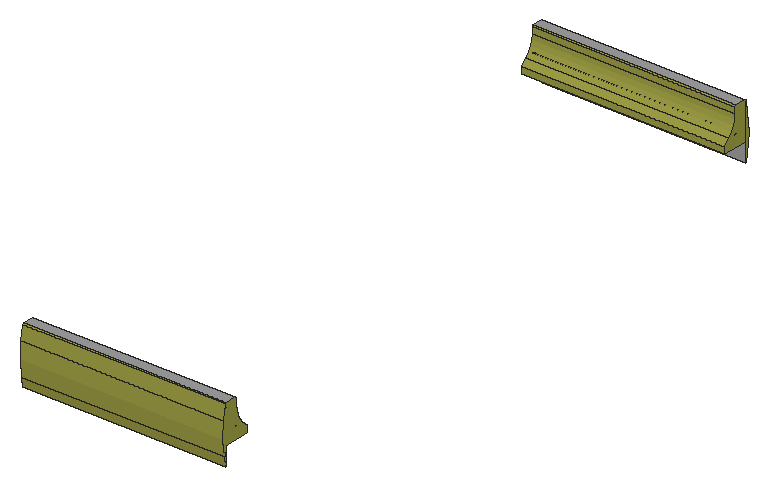
Revit family "5.KCPD_LAN CAN BE TONG", category Generic Models, Revit 2027
Family settings
  Can host rebar = Yes
  Round Connector Dimension = Use Diameter
  Part Type = Normal
  Work Plane-Based = No
  Always vertical = No
  Cut with Voids When Loaded = Yes
  Maintain Annotation Orientation = No
  Shared = No
  Room Calculation Point = No
Parameters
  Đơn vị = "CẤU KIỆN"
  Visible_Vua tao doc [instance] = yes
  Tạo dốc ngang bằng xà mũ [instance] = yes
  Tên nhóm cấu kiện [instance] = ""
  Tên cấu kiện [instance] = ""
  Tên công trình [instance] = ""
  Thời gian kết thúc [instance] = ""
  Thời gian bắt đầu [instance] = ""
  Nhóm cấu kiện = "MỐ"
  Mô tả [instance] = ""
  Model Material = BÊ TÔNG C30
  Mo_W_TM [instance] = 1200 mm
  Mo_W_TD [instance] = 400 mm
  Mo_W [instance] = Mo_W_TM + Mo_W_TD  # 1600 mm
  Mo_Vat_TM [instance] = 150 mm
  Mo_Vat_Lan can [instance] = 250 mm
  Mo_T_TT [instance] = 150 mm
  Mo_T_TC [instance] = 500 mm
  Mo_R2_Lan can [instance] = 500 mm
  Mo_R1_Lan can [instance] = 2000 mm
  Mo_L_TC_1 [instance] = 1500 mm
  Mo_L_TC [instance] = if(Góc xoay = 0.00°, Mo_Dist_TD_Mepbe + Mo_L_TC_1, (Mo_Dist_TD_Mepbe + Mo_L_TC_1) / cos(abs(Góc xoay)))  # 3500 mm
  Mo_L [instance] = 12500 mm
  Mo_H_Total [instance] = 3500 mm
  Mo_H_TT [instance] = 800 mm
  Mo_H_TM [instance] = 2300 mm
  Mo_H_TC_2 [instance] = Mo_L_TC - Mo_Dist_TD_Mepbe / cos(Góc xoay)  # 1500 mm
  Mo_H_TC_1 [instance] = 1000 mm
  Mo_H_Lan can_Right [instance] = 710 mm
  Mo_H_Lan can_2 [instance] = 350 mm
  Mo_H_Lan can_Left [instance] = 732 mm
  Mo_Dist_TD_Mepbe [instance] = 2000 mm
  Mo_Dist_Maudo [instance] = 1000 mm
  Mo_Dim_Maudo [instance] = 300 mm
  Mo_B_Dau lan can [instance] = 250 mm
  Loại cấu kiện = "TƯỜNG CÁNH"
  Loại bê tông = "C30"
  Khối lượng bê tông [instance] = 0.00 m³
  Hạng mục = "KẾT CẤU PHẦN DƯỚI"
  Góc xoay [instance] = 0.00°
  Giá trị [instance] = ""
  Dốc ngang trái [instance] = 0.02
  Dốc ngang phải [instance] = -0.02
  Dốc dọc [instance] = 0
  Doc ngang_Trai_TM [instance] = if(Tạo dốc ngang bằng xà mũ, Dốc ngang trái, 0)  # 0.02
  Doc ngang_Phai_TM [instance] = if(Tạo dốc ngang bằng xà mũ, Dốc ngang phải, 0)  # -0.02
  Mo_Doc doc_Than mo [instance] = 0.05
  Diện tích ván khuôn [instance] = 0.00 m²
  Diện tích quét chống thấm [instance] = 0.00 m²
  Default Elevation = 0 mm
  Cường độ chịu nén bê tông sau 28 ngày (MPa) [instance] = ""
  Công trình = "CẦU"
  Cao độ đỉnh (m) [instance] = ""
  Be_H [instance] = 1800 mm
  A100 [instance] = ""
Reference planes
  plane 1 "Center (Front/Back)": y = 0
  plane 2: z = 0
  plane 3 "Center (Left/Right)": x = 0
  plane 4: x = 19200
  plane 5: through (4267.2, 6250, 5425) normal (0, 0.02, -0.9998)
Dimensions and locks
  aligned and locked: level to plane 2
Nested families
  nested 1: "MỐ - DẠNG 2 - LAN CAN BE TONG" at (0, 0, 1800), Angle <- "Góc xoay", Doc doc_TD <- "Dốc dọc", Slope_Left_TD <- "Dốc ngang trái", Slope_Right_TD <- "Dốc ngang phải", Kho Cau <- "Mo_L", L_TC <- "Mo_L_TC", H_TC_1 <- "Mo_H_TC_1", H_TC_2 <- "Mo_H_TC_2", T_TC <- "Mo_T_TC", H_Total <- "Mo_H_Total", H_MM <- "Mo_H_TM", T_TM <- "Mo_W_TM", T_TD <- "Mo_W_TD", H_LC_1 <- "Mo_H_Lan can_Left", H_LC_2 <- "Mo_H_Lan can_2", Vat_LC_2 <- "Mo_Vat_Lan can", B_Dau LC <- "Mo_B_Dau lan can", built-in parameter 1001364 <- "Be_H", H_LC_3 <- "Mo_H_Lan can_Right", type "MỐ - DẠNG 2 - LAN CAN BE TONG"
    with W_TT 800 mm, Vat_LC_2 250 mm, Vat_LC_1 20 mm, Tên nhóm cấu kiện "", Tên cấu kiện "", Tên công trình "", Thời gian kết thúc "", Thời gian bắt đầu "", T_TM 1200 mm, T_TD 400 mm, T_TC 500 mm, T_MM 800 mm, Slope_Right_TD -0.02, Slope_Left_TD 0.02, R2 500 mm, R1 2000 mm, Mô tả "", L_TC 3500 mm, Kho Cau 12500 mm, H_Total 3500 mm, H_TC_2 1500 mm, H_TC_1 1000 mm, H_MM 2300 mm, H_LC_4_Ong 500 mm, H_LC_3 710 mm, H_LC_2 350 mm, H_LC_1 732 mm, Giá trị "", Doc doc_TD 0, D_LC_Ong 60 mm, Chenh cao yes, C2 1, C1 0, B_LC_Ong 250 mm, B_Dau LC 250 mm, B6 3900 mm, B5 800 mm, B3 800 mm, B2 400 mm, B1 1200 mm, Angle 0.00°, A9 0 mm, A5 3375 mm, A47 3375 mm, A46 3375 mm, A45 3625 mm, A44 3625 mm, A43 9600 mm, A42 9600 mm, A41 9600 mm, A40 9600 mm, A3 3625 mm, A29 0 mm, A28 -5750 mm, A27 0 mm, A26 5750 mm, A12 0 mm, A11 0 mm, A10 0 mm
Definition of nested family "MỐ - DẠNG 2 - LAN CAN BE TONG"
  Parameters (values of type "MỐ - DẠNG 2 - LAN CAN BE TONG")
    Đơn vị = ""
    Vat_LC_2 [instance] = 250 mm
    Vat_LC_1 [instance] = 20 mm
    Tên nhóm cấu kiện [instance] = ""
    Tên cấu kiện [instance] = ""
    Tên công trình [instance] = ""
    Thời gian kết thúc [instance] = ""
    Thời gian bắt đầu [instance] = ""
    R2 [instance] = 500 mm
    R1 [instance] = 2000 mm
    Nhóm cấu kiện = ""
    Mô tả [instance] = ""
    Model Material = none
    Loại cấu kiện = ""
    Hạng mục = ""
    H_LC_4_Ong [instance] = 500 mm
    H_LC_3 [instance] = 710 mm
    H_LC_2 [instance] = 350 mm
    H_LC_1 [instance] = 732 mm
    Giá trị [instance] = ""
    D_LC_Ong [instance] = 60 mm
    Công trình = ""
    C2 [instance] = cos(abs(Angle))  # 1
    C1 [instance] = tan(abs(Angle))  # 0
    B_LC_Ong [instance] = 250 mm
    B_Dau LC [instance] = 250 mm
    B6 [instance] = B2 + L_TC  # 4000 mm
    B5 [instance] = if(Angle < 0.00°, T_MM / C2, if(Angle > 0.00°, T_MM / C2, T_MM))  # 800 mm
    Slope_Right_TD [instance] = -0.02
    Doc doc_TD [instance] = 0.04
    Chenh cao [instance] = yes
    B3 [instance] = if(Angle < 0.00°, W_TT / C2, if(Angle > 0.00°, W_TT / C2, W_TT))  # 800 mm
    B2 [instance] = if(Angle < 0.00°, T_TD / C2, if(Angle > 0.00°, T_TD / C2, T_TD))  # 400 mm
    B1 [instance] = if(Angle < 0.00°, T_TM / C2, if(Angle > 0.00°, T_TM / C2, T_TM))  # 1200 mm
    Angle [instance] = 0.00°
    A47 [instance] = A5 - Doc doc_TD * (1000 mm + B6)  # 3358.736 mm
    A46 [instance] = A5 + Doc doc_TD * 1000 mm  # 3598.736 mm
    A45 [instance] = A3 - Doc doc_TD * (1000 mm + B6)  # 3598.736 mm
    A44 [instance] = A3 + Doc doc_TD * 1000 mm  # 3838.736 mm
    A43 [instance] = 10000 mm - A12 - B2  # 9600 mm
    A42 [instance] = 10000 mm - A11 - B2  # 9600 mm
    A41 [instance] = 10000 mm - A10 - B2  # 9600 mm
    A40 [instance] = 10000 mm - A9 - B2  # 9600 mm
    A29 [instance] = if(Angle > 0.00°, (tan(Angle) * (Kho Cau * 0.5 - T_TC)), if(Angle = 0.00°, 0 mm, -(C1 * (Kho Cau * 0.5 - T_TC))))  # 0 mm
    A28 [instance] = -A26  # -5500 mm
    A27 [instance] = if(Angle > 0.00°, -(tan(Angle) * (Kho Cau * 0.5 - T_TC)), if(Angle = 0.00°, 0 mm, (C1 * (Kho Cau * 0.5 - T_TC))))  # 0 mm
    A26 [instance] = Kho Cau * 0.5 - T_TC  # 5500 mm
    A12 [instance] = if(Angle > 0.00°, -(C1 * (Kho Cau * 0.5 - T_TC)), C1 * (Kho Cau * 0.5 - T_TC))  # 0 mm
    A11 [instance] = if(Angle > 0.00°, C1 * (Kho Cau * 0.5 - T_TC), -(C1 * (Kho Cau * 0.5 - T_TC)))  # 0 mm
    A10 [instance] = if(Angle > 0.00°, (-C1) * Kho Cau * 0.5, C1 * Kho Cau * 0.5)  # 0 mm
    A9 [instance] = if(Angle > 0.00°, C1 * Kho Cau * 0.5, (-C1) * Kho Cau * 0.5)  # 0 mm
    A5 [instance] = H_Total - Slope_Left_TD * 0.5 * (Kho Cau / C2)  # 3558.736 mm
    Default Elevation = 0 mm
    W_TT [instance] = T_TM - T_TD  # 800 mm
    L_TC [instance] = 3600 mm
    H_TC_2 [instance] = 2100 mm
    H_TC_1 [instance] = 1000 mm
    T_MM [instance] = T_TM - T_TD  # 800 mm
    T_TD [instance] = 400 mm
    T_TM [instance] = 1200 mm
    Kho Cau [instance] = 12000 mm
    Slope_Left_TD [instance] = 0.02
    H_MM [instance] = 2608.736 mm
    H_Total [instance] = 3678.736 mm
    A3 [instance] = H_Total - Slope_Right_TD * 0.5 * (Kho Cau / C2)  # 3798.736 mm
    T_TC [instance] = 500 mm
  Reference planes
    plane 1 "Center (Front/Back)": y = 0
    plane 2: z = 0
    plane 3 "Center (Left/Right)": x = 0
    plane 4: y = 6000
    plane 5: y = -6000
    plane 6: y = 5500
    plane 7: y = -5500
    plane 8: y = -5850
    plane 9: y = 5850
    plane 10: z = 2378.736
    plane 11: z = 2577.26
    plane 12: x = 10000
    plane 13: x = 400
    plane 14: x = 400
    plane 15: x = -3600
    plane 16: x = -3600
    plane 17: x = -4600
    plane 18: x = 1400
    plane 19: x = 1400
    plane 20: x = -4600
    plane 21: x = 400
    plane 22: x = -3600
    plane 23: x = 400
    plane 24: x = -3600
    plane 25: y = 6100
  Forms (mm)
    SweptBlend 1, solid, material <- "Model Material"
      path origin (0, 0, 0) x (1, 0, 0) y (0, 1, 0)
        loop
          line (1400, 6000) -> (-4600, 6000)
      profile "MC_Lan can be tong : MC_Lan can be tong" origin (1400, 6000, 0) x (0, -1, 0) y (0, 0, 1)
        loop
          line (20, 4330.736) -> (0, 4310.736) -> (-36.736, 4097.668)
          arc (-36.736, 4097.668) -> (-65.638, 3731.194) -> (-26.977, 3365.622) r 2000
          line (-26.977, 3365.622) -> (0, 3230.736) -> (0, 3598.736) -> (500, 3608.736) -> (500, 3730.736) -> (396.447, 3834.29)
          arc (396.447, 3834.29) -> (288.06, 3996.501) -> (250, 4187.843) r 500
          line (250, 4187.843) -> (250, 4310.736) -> (230, 4330.736) -> (20, 4330.736)
      end profile "MC_Lan can be tong : MC_Lan can be tong" origin (-4600, 6000, 0) x (0, -1, 0) y (0, 0, 1)
        loop
          line (20, 4090.736) -> (0, 4070.736) -> (-36.736, 3857.668)
          arc (-36.736, 3857.668) -> (-65.638, 3491.194) -> (-26.977, 3125.622) r 2000
          line (-26.977, 3125.622) -> (0, 2990.736) -> (0, 3358.736) -> (500, 3368.736) -> (500, 3490.736) -> (396.447, 3594.29)
          arc (396.447, 3594.29) -> (288.06, 3756.501) -> (250, 3947.843) r 500
          line (250, 3947.843) -> (250, 4070.736) -> (230, 4090.736) -> (20, 4090.736)
    Extrusion 2, void
      sketch origin (0, 0, 0) x (1, 0, 0) y (0, 1, 0)
        loop
          line (1400, 6380) -> (400, 6380) -> (400, 6000) -> (400, 5500) -> (1400, 5500) -> (1400, 6380)
      from -10000 to 10000
    Extrusion 3, void
      sketch origin (0, 0, 0) x (1, 0, 0) y (0, 1, 0)
        loop
          line (-4600, 6100) -> (-4600, 5500) -> (-3600, 5500) -> (-3600, 6100) -> (-4600, 6100)
      from -10000 to 10000
    SweptBlend 4, solid, material <- "Model Material"
      path origin (0, 0, 0) x (1, 0, 0) y (0, 1, 0)
        loop
          line (1400, -6000) -> (-4600, -6000)
      profile "MC_Lan can be tong_2 : MC_Lan can be tong_2" origin (1400, -6000, 0) x (0, -1, 0) y (0, 0, 1)
        loop
          line (-20, 4570.736) -> (-230, 4570.736) -> (-250, 4550.736) -> (-250, 4427.843)
          arc (-250, 4427.843) -> (-288.06, 4236.501) -> (-396.447, 4074.29) r 500
          line (-396.447, 4074.29) -> (-500, 3970.736) -> (-500, 3828.736) -> (0, 3838.736) -> (0, 3470.736) -> (31.288, 3650.64)
          arc (31.288, 3650.64) -> (60.713, 3968.639) -> (39.147, 4287.267) r 2000
          line (39.147, 4287.267) -> (0, 4550.736) -> (-20, 4570.736)
      end profile "MC_Lan can be tong_2 : MC_Lan can be tong_2" origin (-4600, -6000, 0) x (0, -1, 0) y (0, 0, 1)
        loop
          line (-20, 4330.736) -> (-230, 4330.736) -> (-250, 4310.736) -> (-250, 4187.843)
          arc (-250, 4187.843) -> (-288.06, 3996.501) -> (-396.447, 3834.29) r 500
          line (-396.447, 3834.29) -> (-500, 3730.736) -> (-500, 3588.736) -> (0, 3598.736) -> (0, 3230.736) -> (31.288, 3410.64)
          arc (31.288, 3410.64) -> (60.713, 3728.639) -> (39.147, 4047.267) r 2000
          line (39.147, 4047.267) -> (0, 4310.736) -> (-20, 4330.736)
    Extrusion 5, void
      sketch origin (0, 0, 0) x (1, 0, 0) y (0, 1, 0)
        loop
          line (1400, -5500) -> (400, -5500) -> (400, -7100) -> (1400, -7100) -> (1400, -5500)
      from -10000 to 10000
    Extrusion 6, void
      sketch origin (0, 0, 0) x (1, 0, 0) y (0, 1, 0)
        loop
          line (-4600, -5500) -> (-4600, -7000) -> (-3600, -7000) -> (-3600, -5500) -> (-4600, -5500)
      from -10000 to 10000
    SweptBlend 7, void
      path origin (0, 0, 0) x (1, 0, 0) y (0, 1, 0)
        loop
          line (-4600, 6000) -> (1400, 6000)
      profile "MC_Khối khoét lan can bê tông_phải : MC_Khối khoét lan can bê tông_phải" origin (-4600, 6000, 0) x (0, 1, 0) y (0, 0, 1)
        loop
          circle (-250, 3590.736) r 30
      end profile "MC_Khối khoét lan can bê tông_phải : MC_Khối khoét lan can bê tông_phải" origin (1400, 6000, 0) x (0, 1, 0) y (0, 0, 1)
        loop
          circle (-250, 3830.736) r 30
    SweptBlend 8, void
      path origin (0, 0, 0) x (1, 0, 0) y (0, 1, 0)
        loop
          line (-4600, -6000) -> (1400, -6000)
      profile "MC_Khối khoét lan can bê tông_trái : MC_Khối khoét lan can bê tông_trái" origin (-4600, -6000, 0) x (0, 1, 0) y (0, 0, 1)
        loop
          circle (250, 3830.736) r 30
      end profile "MC_Khối khoét lan can bê tông_trái : MC_Khối khoét lan can bê tông_trái" origin (1400, -6000, 0) x (0, 1, 0) y (0, 0, 1)
        loop
          circle (250, 4070.736) r 30
  Cuts and joins
    Extrusion 5, Extrusion 6, SweptBlend 8 cuts SweptBlend 4
    Extrusion 2, Extrusion 3, Extrusion 5, SweptBlend 7 cuts SweptBlend 1
  Dimensions and locks
    equal spacing: plane 4, plane 1 "Center (Front/Back)", plane 5
    "Kho Cau": plane 4 to plane 5
    "T_TC": plane 5 to plane 7
    "T_TC": plane 4 to plane 6
    plane 4 to plane 9 = 150 mm
    plane 5 to plane 8 = 150 mm
    equal spacing: plane 5, plane 1 "Center (Front/Back)", plane 4
    plane 10 to level = 2378.736 mm
    locked: plane 3 "Center (Left/Right)" to plane 12 at 10000
    "A40": plane 13 to plane 12
    "A41": plane 14 to plane 12
    "B6": plane 16 to plane 14
    "B6": plane 15 to plane 13
    locked: plane 17 to plane 15 at 1000
    locked: plane 13 to plane 18 at 1000
    locked: plane 20 to plane 16 at 1000
    locked: plane 14 to plane 19 at 1000
    "A42": plane 21 to plane 12
    "B6": plane 22 to plane 21
    "A43": plane 23 to plane 12
    "B6": plane 24 to plane 23
    locked: plane 25 to plane 4 at 100
    aligned and locked: level to plane 2
    aligned and locked: plane 4 to SweptBlend 1 sketch curve
    aligned and locked: plane 18 to SweptBlend 1 sketch curve
    aligned and locked: plane 17 to SweptBlend 1 sketch curve
    aligned and locked: Extrusion 2 sketch curve to plane 18
    aligned and locked: plane 6 to Extrusion 2 sketch curve  (x2)
    aligned and locked: plane 21 to Extrusion 2 sketch curve
    aligned and locked: plane 17 to Extrusion 3 sketch curve
    aligned and locked: SweptBlend 4 sketch curve to plane 5
    aligned and locked: plane 19 to SweptBlend 4 sketch curve
    aligned and locked: plane 20 to SweptBlend 4 sketch curve
    aligned and locked: Extrusion 5 sketch curve to plane 19
    aligned and locked: plane 14 to Extrusion 5 sketch curve
    aligned and locked: plane 7 to Extrusion 5 sketch curve
    aligned and locked: plane 23 to Extrusion 5 sketch curve
    aligned and locked: Extrusion 6 sketch curve to plane 7
    aligned and locked: Extrusion 6 sketch curve to plane 20
    aligned and locked: plane 16 to Extrusion 6 sketch curve
    aligned and locked: plane 24 to Extrusion 6 sketch curve
    aligned and locked: Extrusion 3 sketch curve to plane 25
    aligned and locked: plane 18 to SweptBlend 7 sketch curve
    aligned and locked: SweptBlend 7 sketch curve to plane 4
    aligned and locked: plane 17 to SweptBlend 7 sketch curve
    aligned and locked: plane 19 to SweptBlend 8 sketch curve
    aligned and locked: plane 5 to SweptBlend 8 sketch curve
    aligned and locked: plane 20 to SweptBlend 8 sketch curve
  Automatic sketch dimensions
    Extrusion 2 sketch curve to plane 4 = 0 mm
    Extrusion 2 sketch curve to plane 13 = 0 mm
    Extrusion 2 sketch curve to Extrusion 2 sketch curve = 380 mm
    Extrusion 3 sketch curve to plane 6 = 0 mm
    Extrusion 3 sketch curve to plane 15 = 0 mm
    plane 5 to Extrusion 6 sketch curve = 1000 mm
    plane 5 to Extrusion 5 sketch curve = 1100 mm
